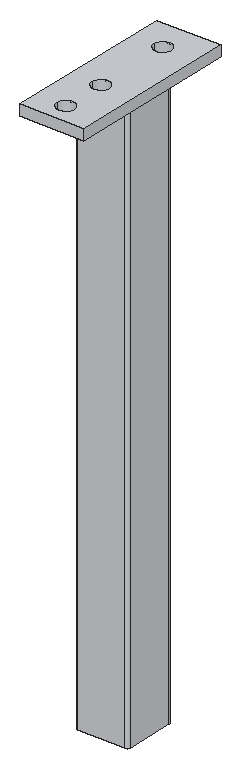
Revit family "MP523", category Generic Models, Revit 2017
Family settings
  Can host rebar = No
  Round Connector Dimension = Use Diameter
  Part Type = Normal
  Work Plane-Based = Yes
  Always vertical = No
  Cut with Voids When Loaded = No
  Shared = No
  Room Calculation Point = No
Parameters (values of type "NBS Standard Parameters")
  Weight = "1.63Kg"
  WarrantyStartDate [instance] = "1900-12-31T23:59:59"
  WarrantyGuarantorParts = "n/a"
  WarrantyGuarantorLabor = "n/a"
  WarrantyDurationUnit = "1 year"
  WarrantyDurationParts = "n/a"
  WarrantyDurationLabor = "n/a"
  WarrantyDescription = "n/a"
  Version = "1"
  Uniclass2 = "Pr_65_70_11_19"
  TagNumber [instance] = "n/a"
  SustainabilityPerformance = "n/a"
  Size = "450"
  Shape = "n/a"
  SerialNumber [instance] = "n/a"
  Revision = "n/a"
  ReplacementCost = "n/a"
  ProductInformation = "www.metpro.co.uk/pdf/mp523.pdf"
  NominalWidth = 49.5 mm
  NominalLength = 450 mm
  NominalHeight = 130 mm
  Name = ""
  NBSTypeID = ""
  NBSReference = "90-55-10/305"
  NBSOfficeMasterTag = ""
  NBSNote = ""
  NBSDescription = "Channel Cable Supports"
  NBSCertification = ""
  ModelReference = "MP523"
  ModelNumber = "n/a"
  Material = "Steel"
  ManufacturerURL = "www.metpro.co.uk"
  ManufacturerName = "Metpro Ltd"
  Keynote = "Compliant to LU Standard 1-085"
  InstallationDate [instance] = "1900-12-31T23:59:59"
  IfcExportType = ""
  IfcExportAs = ""
  Grade = "n/a"
  Finish = "Hot Dipped Galvanised"
  Features = "n/a"
  ExpectedLife = "n/a"
  DurationUnit = "year"
  Description = "MP523  450mm Channel Catilever Arm - 2 hole base plate"
  Default Elevation = 1219.2 mm
  Constituents = "n/a"
  Color = "n/a"
  CodePerformance = "n/a"
  Category = "n/a"
  BarCode [instance] = "n/a"
  BIMObjectName = "metpro_metprolibrary_channelcablesupport_cantileverarm_2holeplate"
  Author = "Metpro Ltd"
  AssetType = ""
  AssetIdentifier [instance] = "n/a"
  AccessibilityPerformance = "n/a"
Reference planes
  plane 1 "Center (Front/Back)": y = 0
  plane 2: z = 0
  plane 3 "Center (Left/Right)": x = 0
Forms (mm)
  Extrusion 1, solid
    sketch origin (-29.584, 50.337, 0) x (1, 0, 0) y (0, 1, 0)
      loop
        line (-19.975, 37.037) -> (-15.975, 37.037) -> (-15.975, 31.537) -> (-13.475, 31.537) -> (-13.475, 38.244)
        arc (-13.475, 38.244) -> (-13.854, 39.158) -> (-14.769, 39.537) r 1.293
        line (-14.769, 39.537) -> (-20.452, 39.537)
        arc (-20.452, 39.537) -> (-21.883, 38.944) -> (-22.475, 37.514) r 2.023
        line (-22.475, 37.514) -> (-22.475, 0.077)
        arc (-22.475, 0.077) -> (-21.732, -1.719) -> (-19.936, -2.463) r 2.54
        line (-19.936, -2.463) -> (16.996, -2.463)
        arc (16.996, -2.463) -> (18.784, -1.722) -> (19.525, 0.066) r 2.529
        line (19.525, 0.066) -> (19.525, 37.555)
        arc (19.525, 37.555) -> (18.944, 38.957) -> (17.543, 39.537) r 1.982
        line (17.543, 39.537) -> (10.861, 39.537)
        arc (10.861, 39.537) -> (9.922, 39.148) -> (9.533, 38.209) r 1.328
        line (9.533, 38.209) -> (9.533, 31.537) -> (12.033, 31.537) -> (12.033, 37.037) -> (17.025, 37.037) -> (17.025, 2.321)
        arc (17.025, 2.321) -> (16.356, 0.706) -> (14.741, 0.037) r 2.284
        line (14.741, 0.037) -> (-17.616, 0.037)
        arc (-17.616, 0.037) -> (-19.284, 0.728) -> (-19.975, 2.396) r 2.359
        line (-19.975, 2.396) -> (-19.975, 37.037)
    from 0 to 450
  Extrusion 2, solid
    sketch origin (-29.584, 50.337, 450) x (1, 0, 0) y (0, 1, 0)
      loop
        line (22.852, 83.718) -> (-27.148, 83.718) -> (-27.148, -50.337) -> (22.852, -50.337) -> (22.852, 83.718)
      loop
        circle (-3.574, -34.911) r 7
      loop
        circle (-3.167, -1.096) r 7
      loop
        circle (-3.167, 59.607) r 7
    from 0 to 8
Dimensions and locks
  aligned and locked: level to plane 2
